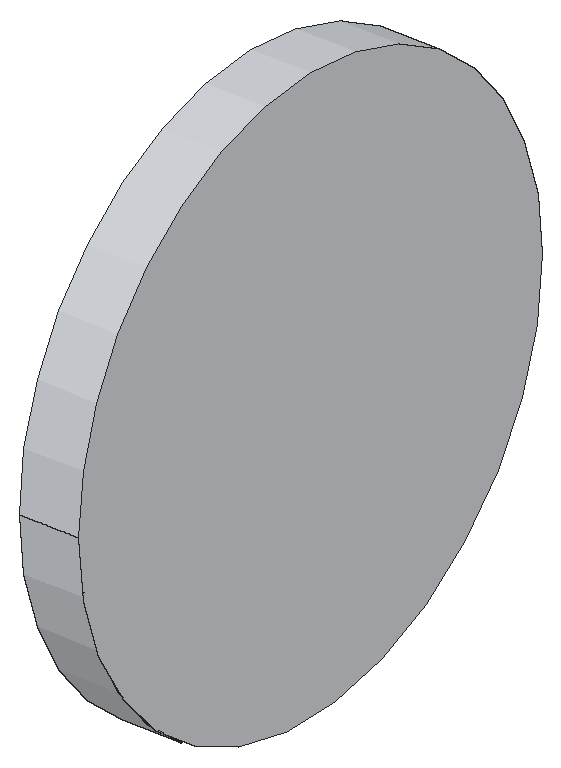
Revit family "M_Flange - Cega - GI - Classe 125", category Conexões de tubo, Revit 2019
Family settings
  Cota do conector redondo = Usar raio
  Tipo de parte = Cobertura
  Número OmniClass = 23.60.30.11.14
  Título OmniClass = Pipework Fittings
  ID de item do Seek = Flange - Blind - GI - Class 125-0000-CAN-ENU
  Com base no plano de trabalho = Não
  Sempre na vertical = Sim
  Corte com vazios quando carregada = Não
  Compartilhado = Não
Parameters (values of type "Padrão")
  Visibilidade 1 [instance] = Diâmetro nominal > 254 mm  # no
  Tamanho da marca de revisão [instance] = Diâmetro da flange * 0.4  # 43.2 mm
  Raio nominal [instance] = 12.5 mm
  Diâmetro nominal [instance] = Raio nominal * 2  # 25 mm
  Espessura da parede [instance] = size_lookup(Nome da tabela de pesquisa, "WThk", 0.03 * Diâmetro nominal + 11.609 mm, Diâmetro nominal)  # 9.6 mm
  Método de perda = Não definido
  Nome da tabela de pesquisa = "M_Flange - Blind - GI - Class 125"
  Comprimento 4 [instance] = Comprimento 2 * sin(Ângulo)  # 11.16 mm
  Comprimento 2 [instance] = if(Diâmetro da porta + Espessura da parede > Comprimento 1 + Espessura do flange, Diâmetro da porta + Espessura da parede, Comprimento 1 + Espessura do flange + 1.587 mm)  # 34.6 mm
  Comprimento 1 [instance] = Diâmetro da porta * cos(30.00°)  # 21.651 mm
  Raio da porta [instance] = Diâmetro da porta / 2  # 12.5 mm
  Diâmetro da porta [instance] = size_lookup(Nome da tabela de pesquisa, "PDia", 1.02 * Diâmetro nominal + 0.397 mm, Diâmetro nominal)  # 25 mm
  Espessura do flange [instance] = size_lookup(Nome da tabela de pesquisa, "FThk", 0.05 * Diâmetro nominal + 15.974 mm, Diâmetro nominal)  # 11.1 mm
  Raio da flange [instance] = Diâmetro da flange / 2  # 54 mm
  Diâmetro da flange [instance] = size_lookup(Nome da tabela de pesquisa, "FDia", 1.19 * Diâmetro nominal + 100.806 mm, Diâmetro nominal)  # 108 mm
  Ângulo [instance] = acos((Comprimento 1 + Espessura do flange) / Comprimento 2)  # 18.8176°
Reference planes
  plane 1 "Centro (Frente/Trás)": y = 0
  plane 2: z = 0
  plane 3 "Centro (Esquerda/Direita)": x = 0
  plane 4: y = 43.2
  plane 5: y = -43.2
  plane 6: x = 11.1
  plane 7: x = 11.1
  plane 8: x = -21.651
  plane 9: y = 11.16
  plane 10: x = 12.949
Forms (mm)
  Extrusion 1, solid, detail levels fine
    sketch origin (0, 0, 0) x (0, 1, 0) y (0, 0, 1)
      loop
        circle (0, 0) r 54
    from 0 to 11.1
  Revolve 2, solid, visible <- "Visibilidade 1", detail levels fine
    sketch origin (0, 0, 0) x (1, 0, 0) y (0, 1, 0)
      loop
        line (11.1, 11.16) -> (11.1, 0) -> (12.949, 0)
        arc (12.949, 0) -> (12.484, 5.656) -> (11.1, 11.16) r 34.6
      axis (12.949, 0) -> (11.1, 0)
    angle from 0 to 360
Lines and regions (mm)
  model lines, detail levels coarse+medium
    curve 1: line (0, 43.2, 0) -> (0, -43.2, 0)
Dimensions and locks
  equal spacing: plane 4, plane 1 "Centro (Frente/Trás)", plane 5
  "Tamanho da marca de revisão": plane 4 to plane 1 "Centro (Frente/Trás)"
  "Espessura do flange": plane 3 "Centro (Esquerda/Direita)" to plane 6
  "Comprimento 1": plane 8 to plane 3 "Centro (Esquerda/Direita)"
  "Comprimento 4": plane 9 to plane 1 "Centro (Frente/Trás)"
  "Comprimento 2": plane 8 to plane 10
  "Raio da flange": radius of Extrusion 1 sketch curve
  "Comprimento 2": radius of Revolve 2 sketch curve
  "Ângulo": angle Revolve 2 sketch curve to Revolve 2 sketch curve
  aligned and locked: plane 1 "Centro (Frente/Trás)" to Extrusion 1 sketch curve
  aligned and locked: plane 2 to Extrusion 1 sketch curve
  aligned and locked: Extrusion 1 to plane 3 "Centro (Esquerda/Direita)"
  aligned and locked: plane 6 to Extrusion 1
  aligned and locked: plane 4 to curve 1
  aligned and locked: plane 5 to curve 1
  aligned and locked: curve 1 to plane 3 "Centro (Esquerda/Direita)"
  aligned and locked: plane 9 to Revolve 2 sketch curve
  aligned and locked: Revolve 2 sketch curve to plane 6
  aligned and locked: plane 1 "Centro (Frente/Trás)" to Revolve 2 sketch curve  (x3)
  aligned and locked: plane 6 to Revolve 2 sketch curve
  aligned and locked: plane 10 to Revolve 2 sketch curve
  aligned and locked: plane 8 to Revolve 2 sketch curve
  aligned and locked: Revolve 2 sketch curve to plane 1 "Centro (Frente/Trás)"
Automatic sketch dimensions
  Revolve 2 sketch curve to plane 8 = 1084.059 mm
  Revolve 2 sketch curve to Revolve 2 sketch curve = 1400.092 mm
Connectors
  piping at (0, 0, 0), diameter 25, driven by "Raio nominal"
    settings: on Extrusion 1, index 1, connector inside diameter 25 mm, connector length 0 mm, flow factor 0, pipe flow 0.0 L/s, pressure drop 0.0 Pa, fitting loss kfactor 0, connector angle 0.00°, fixture units 0, engagement length 0 mm, angle of deflection 0.00°, flow configuration 0, flow direction 0, fitting loss method 0, system type 28, joint type 0, gender type 0, connector reference index -1, connector utility 0, adjustable connector no, is connector primary yes, connector description ""
